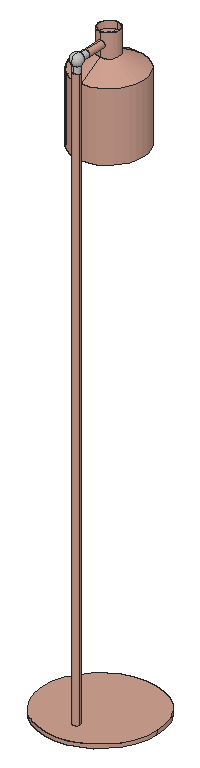
Revit family "Lighting_Floor-Mounted_Zero_Silo_Floor", category Lighting Fixtures, Revit 2020
Family settings
  Round Connector Dimension = Use Diameter
  Part Type = Normal
  OmniClass Number = 23.80.70.00
  OmniClass Title = Lighting
  Work Plane-Based = No
  Always vertical = Yes
  Cut with Voids When Loaded = No
  Light Source = Yes
  Shared = No
  Room Calculation Point = No
Parameters (values of type "Silo Floor Max 50W/E27 Apricot")
  Youtube clip = ""
  Weight Net (Kg) = "3.5"
  Wattage = 3.82384 W
  WarrantyStartDate [instance] = "n/a"
  WarrantyGuarantorParts = "n/a"
  WarrantyGuarantorLabor = "n/a"
  WarrantyDurationUnit = "Year"
  WarrantyDurationParts = "n/a"
  WarrantyDurationLabor = "n/a"
  WarrantyDescription = "n/a"
  built-in parameter 1150110 = 1 (stored number, unit not read)
  VersionDate = "31/08/2023"  # constant formula
  Version = "3"  # constant formula
  UsageCurrent = 0 A
  Uniformat II Description = ""
  Uniformat II Code = ""
  Uniclass2015Reference = "Pr_70_70_48_32"
  Uniclass2015Description = "Free standing luminaires"
  Uniclass2 = "Pr_70_70_48_32"
  Uniclass 2015 Name = ""
  Uniclass 2015 Code = ""
  Uniclass 2.0 Description = ""
  Uniclass 2.0 Code = ""
  Uniclass 1.4 Description = ""
  Uniclass 1.4 Code = ""
  URL = "https://www.zerolighting.com/silo-inomgo/"
  UNSPSC Code = ""
  TotalWattage = 50 W
  built-in parameter 1114217 = 1 (stored number, unit not read)
  Tilt Angle = 90.00°
  built-in parameter 1150109 = 1 (stored number, unit not read)
  built-in parameter 1150134 = (empty or 0)
  Technical description = ""
  TagNumber [instance] = "n/a"
  SustainabilityPerformance = "n/a"
  built-in parameter 1150113 = 1 (stored number, unit not read)
  Size = "250x250x1340 mm"
  Shape = "Sculptured"
  SerialNumber [instance] = "n/a"
  Revision = "5"  # constant formula
  ReplacementCost = "n/a"
  Region South America = "All"
  Region Oceania = "All"
  Region North America = "All"
  Region Middle East = "All"
  Region Europe = "All"
  Region Asia = "All"
  Region Antarctica = "All"
  Region Africa = "All"
  ProductInformation = "n/a"
  Product group = "Floor fixture"
  Product family = "Silo"
  Product certification = ""
  Product SKU = "Silo_floor_fixture"
  Product Guid = "518e2963-2a1a-4f5f-b5f5-f2a1cb1a37ce"
  Photometric Web File = "Silo8205-LED_IES.IES"
  PhaseReference = "n/a"
  PhaseAngle = 0.00°
  OmniClass Description = ""
  OmniClass Code = ""
  NumberOfSources = 0
  NumberOfPoles = 1
  NominalVoltageCalc = 0 V
  NominalVoltage = 230 V
  NominalRadius = 125 mm
  NominalLength = 250 mm
  NominalFrequencyRange = 50 Hz
  NominalDiameter = 250 mm
  NominalCurrent = 0 A
  Nominal width = 250 mm
  Nominal height = 1340 mm
  Name = "Zero_Silo_Floor"  # constant formula
  NBSReference = "90-60-45/405"
  NBSDescription = "General purpose luminaires"
  NBS Reference Description = ""
  NBS Reference Code = ""
  ModelReference = "n/a"
  ModelNumber = "8208-1-17"
  Model = "Silo Floor Max 50W/E27 Apricot"
  Material secondary = "Steel"
  Material main = "Aluminium"
  Material = "Aluminium and steel"
  Masterformat 2014 Description = ""
  Masterformat 2014 Code = ""
  ManufacturersSpecificInformation = "n/a"
  ManufacturerURL = "https://www.zerolighting.com/"
  ManufacturerName = "Zero"
  Manufacturer name = "ZERO"
  Manufacturer country = "Sweden"
  Manufacturer = "Zero"
  MaintenanceFactor = 0
  Lumens = 568 lm
  built-in parameter 1150115 = 1 (stored number, unit not read)
  built-in parameter 1150105 = 224.69 (stored number, unit not read)
  LightFixtureSecondaryMaterial = Stainless Steel, Polished
  LightFixturePlacingType = "Floor"
  LightFixtureMountingType = "Surface"
  LightFixtureMainMaterial = Apricot RAL 3012
  built-in parameter 1150137 = (empty or 0)
  built-in parameter 1150139 = (empty or 0)
  built-in parameter 1150112 = 1 (stored number, unit not read)
  built-in parameter 1150114 = 1 (stored number, unit not read)
  InsulationStandardClass = "n/a"
  InstallationDate [instance] = "n/a"
  Installation instructions = ""
  built-in parameter 1150132 = 2
  built-in parameter 1150102 = (empty or 0)
  built-in parameter 1150138 = (empty or 0)
  built-in parameter 1150107 = 3000 (stored number, unit not read)
  built-in parameter 1150106 = 2.2469 (stored number, unit not read)
  IfcExportType = "NOTDEFINED"  # constant formula
  IfcExportAs = "IfcLightFixtureType"  # constant formula
  IP_Code = "IP20"
  IFC Classification = ""
  HasProtectiveEarth = no
  Grade = "n/a"
  GTIN code = ""
  Finish = "Painted aluminum and steel"
  Features = "Connection: 2,5 m cable and plug with switch on the cable."
  ExpectedLife = "n/a"
  ElectricalDeviceNominalPower = 0
  built-in parameter 1150104 = 13.8 (stored number, unit not read)
  Edition number = 1
  EANNumber = "n/a"
  DurationUnit = "Year"
  Dimming Lamp Color Temperature Shift = <None>
  Designer = "Note Design Studio"
  Design country = "Sweden"
  Description = ""
  DefaultElevation = 0 mm
  Default Elevation = 0 mm
  Date of publishing = ""
  Constituents = "n/a"
  Color Filter = 16777215
  Color = "Apricot"
  Collection = "Silo"
  CodePerformance = "n/a"
  Category = "Floor"
  COBIe Type Category = ""
  Brand url = "http://www.zero.se"
  Brand = "Zero"
  Barcode [instance] = "n/a"
  built-in parameter 1114218 = 1 (stored number, unit not read)
  BIMObjectName = "Lighting_Floor-Mounted_Zero_Silo_Floor"  # constant formula
  Author = "BIMstone"  # constant formula
  built-in parameter 1150133 = 10 (stored number, unit not read)
  AssetType = "Movable"
  AssetIdentifier [instance] = "n/a"
  ArticleNumber = "8208-1-17"
  AccessibilityPerformance = "n/a"
Types (7, lengths in mm): name | ModelNumber | Model | built-in parameter 1150105 | LightFixtureMainMaterial | built-in parameter 1150106 | Color | ArticleNumber
  Silo Floor Max 50W/E27 White | "8208-1-01" | "Silo Floor Max 50W/E27 White" | 224.69 (stored number, unit not read) | White RAL 9010 | 2.2469 (stored number, unit not read) | "White" | "8208-1-01"
  Silo Floor Max 50W/E27 Black | "8208-1-06" | "Silo Floor Max 50W/E27 Black" | 224.69 (stored number, unit not read) | Black RAL 9005 | 2.2469 (stored number, unit not read) | "Black" | "8208-1-06"
  Silo Floor Max 50W/E27 Grey | "8208-1-11" | "Silo Floor Max 50W/E27 Grey" | 224.69 (stored number, unit not read) | Grey RAL 7030 | 2.2469 (stored number, unit not read) | "Grey" | "8208-1-11"
  Silo Floor Max 50W/E27 Green | "8208-1-12" | "Silo Floor Max 50W/E27 Green" | 224.69 (stored number, unit not read) | Green RAL 6021 | 2.2469 (stored number, unit not read) | "Green" | "8208-1-12"
  Silo Floor Max 50W/E27 Yellow | "8208-1-14" | "Silo Floor Max 50W/E27 Yellow" | 45.2 (stored number, unit not read) | Yellow RAL 1018 | 0.452 (stored number, unit not read) | "Yellow" | "8208-1-14"
  Silo Floor Max 50W/E27 Apricot | "8208-1-17" | "Silo Floor Max 50W/E27 Apricot" | 224.69 (stored number, unit not read) | Apricot RAL 3012 | 2.2469 (stored number, unit not read) | "Apricot" | "8208-1-17"
  Silo Floor Max 50W/E27 Ivory | "8208-1-46" | "Silo Floor Max 50W/E27 Ivory" | 224.69 (stored number, unit not read) | Ivory RAL 1015 | 2.2469 (stored number, unit not read) | "Ivory" | "8208-1-46"
Reference planes
  plane 1 "Light Source Axis (F/B)": y = -223.184
  plane 2: z = 0
  plane 3 "Light Source Axis (L/R)": x = 0
  plane 4 "Light Source Elevation": z = 1137.374
  plane 5: y = -121.806
  plane 6: y = -371.806
  plane 7: x = 125
  plane 8: x = -125
  plane 9: z = 1340
  plane 10: y = -246.806
Forms (mm)
  Extrusion 1, solid, material "Apricot RAL 3012" <- "LightFixtureMainMaterial", detail levels coarse
    sketch origin (0, 0, 0) x (1, 0, 0) y (0, 1, 0)
      loop
        line (-125, -371.806) -> (125, -371.806) -> (125, -121.806) -> (-125, -121.806) -> (-125, -371.806)
    from 0 to 1340
Dimensions and locks
  equal spacing: plane 8, plane 3 "Light Source Axis (L/R)", plane 7
  "NominalLength": plane 8 to plane 7
  plane 9 to level = 1340 mm
  equal spacing: plane 5, plane 10, plane 6
  plane 5 to plane 6 = 250 mm
  aligned and locked: plane 3 "Light Source Axis (L/R)" to imposter light
  aligned and locked: plane 1 "Light Source Axis (F/B)" to imposter light
  aligned and locked: plane 4 "Light Source Elevation" to imposter light
  aligned and locked: level to plane 2
  aligned and locked: plane 9 to Extrusion 1
  aligned and locked: Extrusion 1 to level
Automatic sketch dimensions
  Extrusion 1 sketch curve to plane 5 = 0 mm
  Extrusion 1 sketch curve to plane 8 = 0 mm
  Extrusion 1 sketch curve to plane 7 = 0 mm
  Extrusion 1 sketch curve to plane 6 = 0 mm
Nested families
  nested 1: "silo-floor" at (0, -246.806, 0), Material1 <- "LightFixtureMainMaterial", Material2 <- "LightFixtureSecondaryMaterial", type "silo-floor"
    with Material2 Stainless Steel, Polished, Material1 Apricot RAL 3012
Connectors
  electrical at (-125.3, -246.806, 3.549), driven by "NominalVoltage"
    settings: on nested 1, index 2, voltage 230 V, apparent load 0 VA, apparent load phase1 0 VA, apparent load phase2 0 VA, apparent load phase3 0 VA, power factor 1, load classification "Other", number of poles 1, system type 31, power factor state 1, is connector primary yes, connector utility no, sub classification motor no, connector description ""
Definition of nested family "silo-floor"
  Parameters (values of type "silo-floor")
    Material2 [instance] = none
    Material1 [instance] = none
    Default Elevation = 0 mm
  Reference planes
    plane 1 "Center (Front/Back)": y = 0
    plane 2: z = 0
    plane 3 "Center (Left/Right)": x = 0
  Forms (mm)
    Extrusion 1, solid, material <- "Material1", detail levels medium+fine
      sketch origin (0, 0, 0) x (1, 0, 0) y (0, 1, 0)
        loop
          circle (0, 0) r 125
      from 0 to 8
    Extrusion 2, solid, material <- "Material1", detail levels medium+fine
      sketch origin (0, 0.873, 0) x (1, 0, 0) y (0, 1, 0)
        loop
          circle (0, -65.823) r 8
      from 8 to 1288
    Revolve 3, solid, material <- "Material2", detail levels medium+fine
      sketch origin (0, 0, 0) x (0, 1, 0) y (0, 0, 1)
        loop
          line (-64.949, 1302.811) -> (-64.949, 1324.971)
          arc (-64.949, 1324.971) -> (-76.705, 1316.691) -> (-72.949, 1302.811) r 12.538
          line (-72.949, 1302.811) -> (-72.949, 1288) -> (-64.949, 1288) -> (-64.949, 1302.811)
        axis (-64.949, 1324.971) -> (-64.949, 1288)
      angle from 0 to 360
    Revolve 4, solid, material <- "Material1", detail levels medium+fine
      sketch origin (0, 0, 0) x (0, 1, 0) y (0, 0, 1)
        loop
          line (-40.404, 1320.463) -> (-40.404, 1312.463) -> (17.517, 1312.463) -> (17.517, 1320.463) -> (-40.404, 1320.463)
        axis (-40.404, 1312.463) -> (17.517, 1312.463)
      angle from 0 to 360
    Revolve 5, solid, material <- "Material1", detail levels medium+fine
      sketch origin (0, 0, 0) x (0, 1, 0) y (0, 0, 1)
        loop
          line (98.514, 1107.374) -> (98.514, 1257.374) -> (46.014, 1287.378) -> (46.014, 1337.374) -> (45.014, 1337.374) -> (45.014, 1286.798) -> (97.514, 1256.794) -> (97.514, 1107.374) -> (98.514, 1107.374)
        axis (23.514, 1337.374) -> (23.514, 1107.374)
      angle from 0 to 360
    Revolve 6, solid, material <- "Material1", detail levels medium+fine
      sketch origin (0, 0, 0) x (0, 1, 0) y (0, 0, 1)
        loop
          line (45.014, 1286.798) -> (45.014, 1287.798) -> (23.514, 1287.798) -> (23.514, 1286.798) -> (45.014, 1286.798)
        loop
          line (45.014, 1321.75) -> (45.014, 1323.75) -> (23.514, 1323.75) -> (23.514, 1321.75) -> (45.014, 1321.75)
        axis (23.514, 1323.75) -> (23.514, 1286.798)
      angle from 0 to 360
    Extrusion 7, void
      sketch origin (0, 0, 0) x (1, 0, 0) y (0, 1, 0)
        loop
          line (-15.074, 13.514) -> (14.926, 13.514) -> (14.926, 15.514) -> (-15.074, 15.514) -> (-15.074, 13.514)
        loop
          circle (0, 23.622) r 5
      from 1238.257 to 1368.016
    Revolve 8, solid, material <- "Material2", detail levels medium+fine
      sketch origin (0, -57.92, 0) x (0, 1, 0) y (0, 0, 1)
        loop
          line (2.352, 1320.463) -> (2.352, 1312.463) -> (17.517, 1312.463) -> (17.517, 1320.463) -> (2.352, 1320.463)
        axis (2.352, 1312.463) -> (17.517, 1312.463)
      angle from 0 to 360
    Extrusion 9, solid, material <- "Material1", detail levels medium+fine
      sketch origin (0, 0, 0) x (0, 1, 0) y (0, 0, 1)
        loop
          circle (0, 3.549) r 1.5
      from -125.3 to -124.205
  Cuts and joins
    Extrusion 7 cuts Revolve 6
    joined: Revolve 4, Revolve 5
  Lines and regions (mm)
    symbolic lines, detail levels medium+fine
      curve 1: arc (125, 0, 0) -> (0, 125, 0) -> (-125, 0, 0) r 125
      curve 2: arc (-125, 0, 0) -> (0, -125, 0) -> (125, 0, 0) r 125
      curve 22: line (0, 125, 0) -> (0, 125, 8)
      curve 23: line (0, 125, 8) -> (0, -56.949, 8)
      curve 24: line (0, -56.949, 8) -> (0, -56.949, 1302.811)
      curve 25: arc (0, -55.314, 1304.468) -> (0, -56.065, 1303.584) -> (0, -56.949, 1302.832) r 7.202
      curve 26: line (0, -55.297, 1304.468) -> (0, 1.014, 1304.468)
      curve 27: line (0, 1.014, 1287.378) -> (0, 1.014, 1304.468)
      curve 28: line (0, 1.014, 1287.378) -> (0, -51.486, 1257.374)
      curve 29: line (0, -51.486, 1257.374) -> (0, -51.486, 1107.374)
      curve 30: line (0, -51.486, 1107.374) -> (0, 98.514, 1107.374)
      curve 31: line (0, 98.514, 1107.374) -> (0, 98.514, 1257.374)
      curve 32: line (0, 98.514, 1257.374) -> (0, 46.014, 1287.378)
      curve 33: line (0, 46.014, 1287.378) -> (0, 46.014, 1337.374)
      curve 34: line (0, 46.014, 1337.374) -> (0, 1.014, 1337.374)
      curve 35: line (0, 1.014, 1337.374) -> (0, 1.014, 1320.463)
      curve 36: line (0, 1.014, 1320.463) -> (0, -55.297, 1320.463)
      curve 37: arc (0, -72.949, 1302.811) -> (0, -73.82, 1321.334) -> (0, -55.297, 1320.463) r 12.537
      curve 38: line (0, -72.949, 1302.811) -> (0, -72.949, 8)
      curve 39: line (0, -72.949, 8) -> (0, -125, 8)
      curve 40: line (0, -125, 8) -> (0, -125, 0)
      curve 41: line (0, 125, 0) -> (0, -125, 0)
      curve 50: line (-125, 0, 0) -> (-125, 0, 8)
      curve 51: line (-125, 0, 8) -> (-8, 0, 8)
      curve 52: line (-8, 0, 8) -> (-8, 0, 1107.374)
      curve 53: line (-8, 0, 1107.374) -> (-75, 0, 1107.374)
      curve 54: line (-75, 0, 1107.374) -> (-75, 0, 1257.374)
      curve 55: line (-75, 0, 1257.374) -> (-22.5, 0, 1287.378)
      curve 56: line (-22.5, 0, 1287.378) -> (-22.5, 0, 1337.374)
      curve 57: line (-22.5, 0, 1337.374) -> (0, 0, 1337.374)
      curve 58: line (125, 0, 0) -> (125, 0, 8)
      curve 59: line (125, 0, 8) -> (8, 0, 8)
      curve 60: line (8, 0, 8) -> (8, 0, 1107.374)
      curve 61: line (8, 0, 1107.374) -> (75, 0, 1107.374)
      curve 62: line (75, 0, 1107.374) -> (75, 0, 1257.374)
      curve 63: line (75, 0, 1257.374) -> (22.5, 0, 1287.378)
      curve 64: line (22.5, 0, 1287.378) -> (22.5, 0, 1337.374)
      curve 65: line (22.5, 0, 1337.374) -> (0, 0, 1337.374)
    symbolic lines, detail levels fine
      curve 3: arc (-8, -64.949, 0) -> (0, -72.949, 0) -> (8, -64.949, 0) r 8
      curve 4: arc (8, -64.949, 0) -> (0, -56.949, 0) -> (-8, -64.949, 0) r 8
      curve 5: arc (0, 98.514, 0) -> (-74.89, 27.578, 0) -> (-8.116, -51.046, 0) r 75
      curve 6: arc (0, 97.514, 0) -> (-73.888, 27.578, 0) -> (-8.116, -50.04, 0) r 74
      curve 7: line (8, -64.949, 0) -> (-8, -64.949, 0)
      curve 8: circle (0, -64.949, 0) r 12.494 normal (0, 0, 1)
      curve 9: arc (0, 1.014, 0) -> (22.5, 23.514, 0) -> (0, 46.014, 0) r 22.5
      curve 10: arc (0, 46.014, 0) -> (-22.5, 23.514, 0) -> (0, 1.014, 0) r 22.5
      curve 11: arc (0, 45.014, 0) -> (-21.5, 23.514, 0) -> (0, 2.014, 0) r 21.5
      curve 12: arc (0, 2.014, 0) -> (21.5, 23.514, 0) -> (0, 45.014, 0) r 21.5
      curve 13: line (-15.074, 13.514, 0) -> (14.926, 13.514, 0)
      curve 14: line (-15.074, 15.514, 0) -> (-15.074, 13.514, 0)
      curve 15: line (14.926, 15.514, 0) -> (-15.074, 15.514, 0)
      curve 16: line (14.926, 13.514, 0) -> (14.926, 15.514, 0)
      curve 17: arc (-5, 23.622, 0) -> (0, 18.622, 0) -> (5, 23.622, 0) r 5
      curve 18: arc (5, 23.622, 0) -> (0, 28.622, 0) -> (-5, 23.622, 0) r 5
      curve 19: line (-8.116, -55.451, 0) -> (-8.116, 2.529, 0)
      curve 20: line (8.116, -55.451, 0) -> (8.116, 2.529, 0)
      curve 21: arc (8.116, -51.046, 0) -> (74.89, 27.578, 0) -> (0, 98.514, 0) r 75
      curve 42: line (0, -56.949, 8) -> (0, -72.949, 8)
      curve 43: line (0, 98.514, 1257.374) -> (0, -51.486, 1257.374)
      curve 44: line (0, -72.949, 1302.811) -> (0, -56.949, 1302.811)
      curve 45: line (0, -56.949, 1288) -> (0, -72.949, 1288)
      curve 46: line (0, -55.297, 1320.463) -> (0, -55.297, 1304.468)
      curve 47: line (0, -40.404, 1320.463) -> (0, -40.404, 1304.468)
      curve 48: arc (0, 1.014, 1304.468) -> (0, 2.505, 1312.465) -> (0, 1.014, 1320.463) r 22.185
      curve 49: line (0, 46.014, 1287.378) -> (0, 1.014, 1287.378)
      curve 66: line (0, 0, 1302.811) -> (-8, 0, 1302.811)
      curve 67: line (-8, 0, 1302.811) -> (-8, 0, 1288)
      curve 68: line (-8, 0, 1288) -> (0, 0, 1288)
      curve 69: line (-8, 0, 8) -> (0, 0, 8)
      curve 70: line (-8, 0, 1288) -> (-8, 0, 1107.374)
      curve 71: line (-75, 0, 1257.374) -> (-8, 0, 1257.374)
      curve 72: line (-22.5, 0, 1287.378) -> (-8, 0, 1287.378)
      curve 73: line (0, 0, 1302.811) -> (8, 0, 1302.811)
      curve 74: line (8, 0, 1302.811) -> (8, 0, 1288)
      curve 75: line (8, 0, 1288) -> (0, 0, 1288)
      curve 76: line (8, 0, 1288) -> (8, 0, 1107.374)
      curve 77: line (75, 0, 1257.374) -> (8, 0, 1257.374)
      curve 78: line (22.5, 0, 1287.378) -> (8, 0, 1287.378)
      curve 79: line (8, 0, 8) -> (0, 0, 8)
      curve 80: arc (-8, 0, 1302.811) -> (0, 0, 1324.937) -> (8, 0, 1302.811) r 12.509
      curve 81: arc (8.116, -50.04, 0) -> (73.888, 27.578, 0) -> (0, 97.514, 0) r 74
  Dimensions and locks
    aligned and locked: level to plane 2
